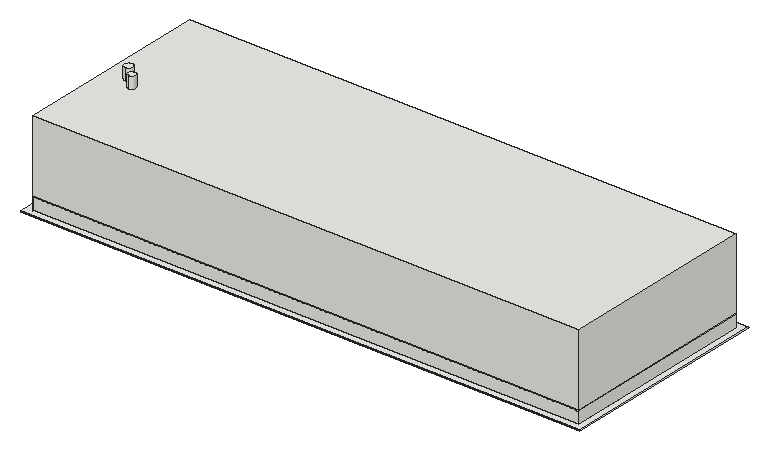
Revit family "AIRTECNICS_AIR CURTAIN_RECESSED WINDBOX_MG_DX-VRV_(DAIKIN)_0", category Mechanical Equipment, Revit 2016 (continued)
Definition of nested family "GEOM_WINDBOX_P_RECESSED_DX"
  Automatic sketch dimensions
    Extrusion 38 sketch curve to Extrusion 38 sketch curve = 3.966 mm
    Extrusion 38 sketch curve to Extrusion 38 sketch curve = 0.0 mm  (x2)
    Extrusion 39 sketch curve to Extrusion 39 sketch curve = 3.028 mm
    Extrusion 39 sketch curve to Extrusion 39 sketch curve = 3.961 mm
    Extrusion 39 sketch curve to Extrusion 39 sketch curve = 2.97 mm
    Extrusion 39 sketch curve to Extrusion 39 sketch curve = 2.975 mm
    Extrusion 39 sketch curve to Extrusion 39 sketch curve = 0.557 mm
    Extrusion 39 sketch curve to Extrusion 39 sketch curve = 4.0 mm
    Extrusion 39 sketch curve to Extrusion 39 sketch curve = 3.966 mm
    Extrusion 39 sketch curve to Extrusion 39 sketch curve = 0.0 mm  (x2)
    Extrusion 38 sketch curve to Extrusion 38 sketch curve = 25.946 mm
    Extrusion 38 sketch curve to Extrusion 38 sketch curve = 2.037 mm
    Extrusion 38 sketch curve to Extrusion 38 sketch curve = 2.578 mm
    Extrusion 38 sketch curve to Extrusion 38 sketch curve = 2.611 mm
    Extrusion 38 sketch curve to Extrusion 38 sketch curve = 23.162 mm
    Extrusion 39 sketch curve to Extrusion 39 sketch curve = 25.946 mm
    Extrusion 39 sketch curve to Extrusion 39 sketch curve = 2.037 mm
    Extrusion 39 sketch curve to Extrusion 39 sketch curve = 2.578 mm
    Extrusion 39 sketch curve to Extrusion 39 sketch curve = 2.611 mm
    Extrusion 39 sketch curve to Extrusion 39 sketch curve = 23.162 mm
    Extrusion 37 sketch curve to Extrusion 37 sketch curve = 74.0 mm
    Extrusion 37 sketch curve to Extrusion 37 sketch curve = 43.504 mm
    Extrusion 27 sketch curve to Extrusion 27 sketch curve = 74.0 mm
    Extrusion 27 sketch curve to Extrusion 27 sketch curve = 43.504 mm
    Extrusion 30 sketch curve to Extrusion 30 sketch curve = 74.0 mm
    Extrusion 30 sketch curve to Extrusion 30 sketch curve = 43.504 mm
    Extrusion 4 sketch curve to plane 11 = 0.0 mm
    Extrusion 7 sketch curve to plane 3 "Centro (Izquierda/Derecha)" = 0.0 mm
    plane 8 to Extrusion 11 sketch curve = 0.0 mm
    Extrusion 11 sketch curve to plane 24 = 0.0 mm
    Extrusion 11 sketch curve to plane 4 = 0.0 mm
    Extrusion 11 sketch curve to plane 8 = 10.0 mm
    Extrusion 12 sketch curve to plane 24 = 0.0 mm
    Extrusion 12 sketch curve to plane 4 = 0.0 mm
    Extrusion 12 sketch curve to plane 7 = 0.0 mm
    Extrusion 12 sketch curve to plane 7 = 10.0 mm
    Sweep 19 sketch curve to profile plane = 0.0 mm
    Sweep 19 sketch curve to Sweep 19 sketch curve = 0.0 mm  (x2)
    plane 24 to Extrusion 20 sketch curve = 20.494 mm  (x2)
    Extrusion 20 sketch curve to plane 11 = 41.908 mm
    plane 24 to Extrusion 20 sketch curve = 1.964 mm  (x6)
    Extrusion 20 sketch curve to Extrusion 20 sketch curve = 3.179 mm
    Extrusion 20 sketch curve to Extrusion 20 sketch curve = 1.478 mm  (x3)
    Extrusion 20 sketch curve to Extrusion 20 sketch curve = 4.657 mm  (x5)
    Extrusion 20 sketch curve to Extrusion 20 sketch curve = 16.188 mm
    Extrusion 20 sketch curve to plane 11 = 13.228 mm
    plane 11 to Extrusion 20 sketch curve = 9.843 mm
    plane 11 to Extrusion 20 sketch curve = 13.022 mm
    Extrusion 20 sketch curve to Extrusion 20 sketch curve = 0.254 mm  (x3)
    Extrusion 20 sketch curve to Extrusion 20 sketch curve = 18.53 mm
    Extrusion 20 sketch curve to Extrusion 20 sketch curve = 0.0 mm
    Extrusion 20 sketch curve to Extrusion 20 sketch curve = 0.799 mm  (x3)
    plane 1 "Centro (Frontal/Posterior)" to Extrusion 24 sketch curve = 21.764 mm
    Extrusion 24 sketch curve to plane 11 = 43.471 mm
    plane 24 to Extrusion 24 sketch curve = 3.073 mm
    Extrusion 24 sketch curve to Extrusion 24 sketch curve = 3.028 mm
    Extrusion 24 sketch curve to Extrusion 24 sketch curve = 3.961 mm
    Extrusion 24 sketch curve to Extrusion 24 sketch curve = 2.97 mm
    plane 24 to Extrusion 24 sketch curve = 0.496 mm
    Extrusion 24 sketch curve to plane 11 = 11.527 mm
    Extrusion 24 sketch curve to plane 11 = 9.49 mm
    plane 24 to Extrusion 24 sketch curve = 3.107 mm
    Extrusion 24 sketch curve to Extrusion 24 sketch curve = 2.975 mm
    Extrusion 24 sketch curve to Extrusion 24 sketch curve = 0.557 mm
    Extrusion 24 sketch curve to Extrusion 24 sketch curve = 4.0 mm
    Extrusion 24 sketch curve to Extrusion 24 sketch curve = 3.966 mm
    Extrusion 24 sketch curve to Extrusion 24 sketch curve = 0.0 mm  (x2)
    plane 1 "Centro (Frontal/Posterior)" to Extrusion 45 sketch curve = 21.764 mm
    Extrusion 45 sketch curve to plane 11 = 43.471 mm
    plane 24 to Extrusion 45 sketch curve = 3.073 mm
    Extrusion 45 sketch curve to Extrusion 45 sketch curve = 3.028 mm
    Extrusion 45 sketch curve to Extrusion 45 sketch curve = 3.961 mm
    Extrusion 45 sketch curve to Extrusion 45 sketch curve = 2.97 mm
    plane 24 to Extrusion 45 sketch curve = 0.496 mm
    Extrusion 45 sketch curve to plane 11 = 11.527 mm
    Extrusion 45 sketch curve to plane 11 = 9.49 mm
    plane 24 to Extrusion 45 sketch curve = 3.107 mm
    Extrusion 45 sketch curve to Extrusion 45 sketch curve = 2.975 mm
    Extrusion 45 sketch curve to Extrusion 45 sketch curve = 0.557 mm
    Extrusion 45 sketch curve to Extrusion 45 sketch curve = 4.0 mm
    Extrusion 45 sketch curve to Extrusion 45 sketch curve = 3.966 mm
    Extrusion 45 sketch curve to Extrusion 45 sketch curve = 0.0 mm  (x2)
    Extrusion 46 sketch curve to Extrusion 46 sketch curve = 0.0 mm  (x40)
    level to Extrusion 46 sketch curve = 0.881 mm  (x10)
    plane 20 to Extrusion 46 sketch curve = 4.0 mm
    plane 24 to Extrusion 46 sketch curve = 0.179 mm  (x10)
    Extrusion 46 sketch curve to Extrusion 46 sketch curve = 0.07 mm  (x10)
    plane 20 to Extrusion 46 sketch curve = 4.744 mm
    plane 24 to Extrusion 46 sketch curve = 2.811 mm  (x10)
    Extrusion 46 sketch curve to plane 13 = 7.561 mm
    plane 24 to Extrusion 46 sketch curve = 1.787 mm  (x10)
    plane 13 to Extrusion 46 sketch curve = 6.25 mm
    plane 13 to Extrusion 46 sketch curve = 6.4 mm
    Extrusion 46 sketch curve to Extrusion 46 sketch curve = 0.594 mm  (x8)
    Extrusion 46 sketch curve to Extrusion 46 sketch curve = 0.8 mm  (x12)
    plane 13 to Extrusion 46 sketch curve = 7.7 mm
    Extrusion 46 sketch curve to Extrusion 46 sketch curve = 1.007 mm  (x8)
    Extrusion 46 sketch curve to Extrusion 46 sketch curve = 1.3 mm  (x8)
    Extrusion 46 sketch curve to Extrusion 46 sketch curve = 8.369 mm  (x9)
    Extrusion 46 sketch curve to Extrusion 46 sketch curve = 13.01 mm  (x7)
    Extrusion 46 sketch curve to Extrusion 46 sketch curve = 0.08 mm  (x7)
    plane 24 to Extrusion 46 sketch curve = 14.344 mm  (x9)
    plane 24 to Extrusion 46 sketch curve = 13.319 mm  (x9)
    Extrusion 46 sketch curve to Extrusion 46 sketch curve = 0.5 mm  (x2)
    Extrusion 46 sketch curve to Extrusion 46 sketch curve = 13.961 mm  (x2)
    Extrusion 46 sketch curve to Extrusion 46 sketch curve = 0.999 mm
    Extrusion 46 sketch curve to Extrusion 46 sketch curve = 1.743 mm
    Extrusion 46 sketch curve to Extrusion 46 sketch curve = 0.658 mm
    Extrusion 46 sketch curve to Extrusion 46 sketch curve = 8.732 mm  (x10)
    plane 7 to Extrusion 47 sketch curve = 2.0 mm
    plane 8 to Extrusion 47 sketch curve = 2.0 mm
    plane 20 to Extrusion 47 sketch curve = 1.976 mm
    Extrusion 47 sketch curve to plane 5 = 486.1 mm
    Extrusion 2 sketch curve to plane 11 = 55.1 mm
    plane 7 to Extrusion 21 sketch curve = 1.0 mm
    plane 8 to Extrusion 21 sketch curve = 1.0 mm
    Extrusion 5 sketch curve to plane 3 "Centro (Izquierda/Derecha)" = 0.0 mm
    Extrusion 5 sketch curve to plane 11 = 0.0 mm
    plane 1 "Centro (Frontal/Posterior)" to Extrusion 23 sketch curve = 4.0 mm
    Extrusion 23 sketch curve to plane 11 = 42.0 mm
    Extrusion 25 sketch curve to plane 11 = 43.471 mm
    plane 24 to Extrusion 25 sketch curve = 0.496 mm
    Extrusion 26 sketch curve to plane 11 = 43.471 mm
    plane 24 to Extrusion 26 sketch curve = 0.496 mm
    Extrusion 18 sketch curve to plane 7 = 25.0 mm
    Extrusion 16 sketch curve to plane 17 "P2-01" = 0.0 mm
    Extrusion 16 sketch curve to plane 19 "P2-03" = 0.0 mm
    Extrusion 17 sketch curve to plane 14 = 0.0 mm
    Extrusion 17 sketch curve to plane 15 "P1-01" = 0.0 mm
Types (23, lengths in mm): name | Weight | Product Size | Product Reference | Product Heating | Product Description | Power Fans | Noise Level (dB(A)) | Mainfolds | M | Length | Heating Capacity | Gas Coil Volume | G | External Ut. Reference | Expansion Valve | Dn_Metric_Refrig_Gas | DX VRV | DX Kit | DX Coil Rows = 4 | DX Coil Rows = 3 | DX Coil Rows | DX 1:1 | Current Fans | L | CT | CR | CM | CH | Apparent Load | Airflow
  WINDBOX RECM 2000 DX16-DA | 122.00 kg | "2000" | "RECM 2000 DX16-DA" | "Direct Expansion 1:1 system" | "Energy saving heat pump air curtain: Up to 70% reduction in costs and CO2 emissions (heating mode).\r\nSelf-supporting casing construction made of galvanized steel plate, ready to be installed recessed in a false ceiling. \r\nInlet grille (free of maintenance) made with aluminium profiles and blow-out nozzle, integrated in a single white frame colour RAL 9016. Other colours are available on request.  Internal prefilter included.\r\nAnodized aluminium outlet vanes, airfoil shaped, adjustable in both directions.\r\nDouble-inlet centrifugal fans driven by an external rotor motor and low noise level. 5-speed selector. EC models assembled with very low consumption efficiency fans. \r\nIncludes only heating direct expansion coil with installed temperature sensors. Under request it can be modified to work in cooling and heating mode (not recomended) with optional condensate water pump.\r\nPlug&Play control panel CS-5DX-NE slave DX with 5 speeds selector and 7m telephone cable included.\r\nReady to connect to DAIKIN Inverter outdoor heat pump unit (R410A) and EKEXV125 expansion valve not included, the customer should purchase it.\r\nRequires EKEQDCB DAIKIN DX Interface KIT adapted for air curtain and BRC1H519W programmable control, please consult.\r\nAir Volume: 3280 m3/h \r\nFans:  0,284 kW  2,48 A 230Vx1 50/60Hz\r\nHeating capacity: 16,00 kW\r\nDimensions: 770x310x2050 mm (depth, height, length)\r\nNOT SUPPLIED BY AIRTÈCNICS:\r\nEKEQDCB Interface DX kit and BRC1H519W programmable control.\r\nExpansion valve EKEXV125.\r\nExternal unit:\r\nOption 1: ERQ 125 AV1\r\nExternal unit Daikin, single phase motor 230Vx1 50Hz.\r\nHeating capacity 16kW. Heating power: 3,86kW. COP 4,15.\r\nCooling capacity 14kW. Cooling power 3,51kW. EER 3,99.\r\nCooling circuits 5/8\" - 3/8\".\r\nMaximum length 55m.\r\nDesnivell màxim 35m.\r\nOption 2: ERQ 125 AW1\r\nExternal unit Daikin, triple phase motor 400Vx3 50Hz.\r\nHeating capacity 16kW. Heating power: 4kW. COP 4.\r\nCooling capacity 14kW. Cooling power 3,52kW. EER 3,98.\r\nCooling circuits 5/8\" - 3/8\".\r\nMaximum length 55m.\r\nDesnivell màxim 30m." | 0.284 kW | 58 | "5/8 & 3/8" | yes | 2050.0 | 16 kW | 3.10 L | no | "ERQ 125 AW1" | "EKEXV 125" | 16 | no | "EKEQDCB" | no | yes | 3 | yes | 2.48 A | 2000.0 | 8 | 4 | 6 | 2 | 568 VA | 3280 m³/h
  WINDBOX RECM 1500 DX13-DA | 93.00 kg | "1500" | "RECM 1500 DX13-DA" | "Direct Expansion 1:1 system" | "Energy saving heat pump air curtain: Up to 70% reduction in costs and CO2 emissions (heating mode).\r\nSelf-supporting casing construction made of galvanized steel plate, ready to be installed recessed in a false ceiling. \r\nInlet grille (free of maintenance) made with aluminium profiles and blow-out nozzle, integrated in a single white frame colour RAL 9016. Other colours are available on request.  Internal prefilter included.\r\nAnodized aluminium outlet vanes, airfoil shaped, adjustable in both directions.\r\nDouble-inlet centrifugal fans driven by an external rotor motor and low noise level. 5-speed selector. EC models assembled with very low consumption efficiency fans. \r\nIncludes only heating direct expansion coil with installed temperature sensors. Under request it can be modified to work in cooling and heating mode (not recomended) with optional condensate water pump.\r\nPlug&Play control panel CS-5DX-NE slave DX with 5 speeds selector and 7m telephone cable included.\r\nReady to connect to DAIKIN Inverter outdoor heat pump unit (R410A) and EKEXV100 expansion valve not included, the customer should purchase it.\r\nRequires EKEQDCB DAIKIN DX Interface KIT adapted for air curtain and BRC1H519W programmable control, please consult.\r\nAir Volume: 2460 m3/h \r\nFans:  0,213 kW  1,86 A 230Vx1 50/60Hz\r\nHeating capacity: 12,5 kW\r\nDimensions: 770x310x1550 mm (depth, height, length)\r\nNOT SUPPLIED BY AIRTÈCNICS:\r\nEKEQDCB Interface DX kit and BRC1H519W programmable control.\r\nExpansion valve EKEXV100.\r\nExternal unit:\r\n ERQ 100 AV1\r\nExternal unit Daikin, single phase motor 230Vx1 50Hz.\r\nHeating capacity 12,5kW. Heating power: 2,74kW. COP 4,56.\r\nCooling capacity 11,2kW. Cooling power 2,81kW. EER 3,99.\r\nCooling circuits 5/8\" - 3/8\".\r\nMaximum length 55m.\r\nDesnivell màxim 35m." | 0.213 kW | 57 | "5/8 & 3/8" | yes | 1550.0 | 12.5 kW | 3.00 L | no | "Only Single Phase" | "EKEXV 100" | 16 | no | "EKEQDCB" | yes | no | 4 | yes | 1.86 A | 1500.0 | 4 | 2 | 6 | 2 | 426 VA | 2460 m³/h
  WINDBOX RECM 1000 VRV8-DA | 63.00 kg | "1000" | "RECM 1000 VRV8-DA" | "Direct Expansion VRV system" | "Energy saving heat pump air curtain: Up to 70% reduction in costs and CO2 emissions (heating mode).\r\nSelf-supporting casing construction made of galvanized steel plate, ready to be installed recessed in a false ceiling. \r\nInlet grille (free of maintenance) made with aluminium profiles and blow-out nozzle, integrated in a single white frame colour RAL 9016. Other colours are available on request.  Internal prefilter included.\r\nAnodized aluminium outlet vanes, airfoil shaped, adjustable in both directions.\r\nDouble-inlet centrifugal fans driven by an external rotor motor and low noise level. 5-speed selector. EC models assembled with very low consumption efficiency fans. \r\nIncludes only heating direct expansion coil with installed temperature sensors. Under request it can be modified to work in cooling and heating mode (not recomended) with optional condensate water pump.\r\nPlug&Play control panel CS-5DX-NE slave DX with 5 speeds selector and 7m telephone cable included.\r\nReady to connect to DAIKIN VRV outdoor heat pump unit (R410A) and EKEXV63 expansion valve not included, the customer should purchase it.\r\nRequires EKEQMCBA DAIKIN VRV Interface KIT adapted for air curtain and BRC1H519W programmable control, please consult.\r\nAir Volume: 1640 m3/h \r\nFans:  0,142 kW  1,24 A 230Vx1 50/60Hz\r\nHeating capacity: 7,90 kW\r\nDimensions: 770x310x1050 mm (depth, height, length)\r\nNOT SUPPLIED BY AIRTÈCNICS:\r\nEKEQMCBA Interface VRV kit and BRC1H519W programmable control.\r\nExpansion valve EKEXV63.\r\nExternal unit VRV." | 0.142 kW | 56 | "5/8 & 3/8" | yes | 1050.0 | 7.9 kW | 1.80 L | no | "Not available" | "EKEXV 63" | 16 | yes | "EKEQMCBA" | yes | no | 4 | no | 1.24 A | 1000.0 | 2 | 2 | 6 | 4 | 145 VA | 1640 m³/h
  WINDBOX RECG 2500 DX25-DA | 163.00 kg | "2500" | "RECG 2500 DX25-DA" | "Direct Expansion 1:1 system" | "Energy saving heat pump air curtain: Up to 70% reduction in costs and CO2 emissions (heating mode).\r\nSelf-supporting casing construction made of galvanized steel plate, ready to be installed recessed in a false ceiling. \r\nInlet grille (free of maintenance) made with aluminium profiles and blow-out nozzle, integrated in a single white frame colour RAL 9016. Other colours are available on request.  Internal prefilter included.\r\nAnodized aluminium outlet vanes, airfoil shaped, adjustable in both directions.\r\nDouble-inlet centrifugal fans driven by an external rotor motor and low noise level. 5-speed selector. EC models assembled with very low consumption efficiency fans. \r\nIncludes only heating direct expansion coil with installed temperature sensors. Under request it can be modified to work in cooling and heating mode (not recomended) with optional condensate water pump.\r\nPlug&Play control panel CS-5DX-NE slave DX with 5 speeds selector and 7m telephone cable included.\r\nReady to connect to DAIKIN Inverter outdoor heat pump unit (R410A) and EKEXV200 expansion valve not included, the customer should purchase it.\r\nRequires EKEQDCB DAIKIN DX Interface KIT adapted for air curtain and BRC1H519W programmable control, please consult.\r\nAir Volume: 5110 m3/h \r\nFans:  0,497 kW  4,34 A 230Vx1 50/60Hz\r\nHeating capacity: 24,86 kW\r\nDimensions: 770x310x2550 mm (depth, height, length)\r\nNOT SUPPLIED BY AIRTÈCNICS:\r\nEKEQDCB Interface DX kit and BRC1H519W programmable control.\r\nExpansion valve EKEXV200.\r\nExternal unit:\r\n ERQ 200 AW1External unit Daikin, triple phase motor 400Vx3 50Hz.\r\nHeating capacity 25kW. Heating power: 5,56kW. COP 4,5.\r\nCooling capacity 22,4kW. Cooling power 5,22kW. EER 4,29.\r\nCooling circuits 3/4\" - 3/8\".\r\nMaximum length 55m.\r\nDesnivell màxim 30m." | 0.497 kW | 64 | "3/4 & 3/8" | no | 2550.0 | 24.86 kW | 3.90 L | yes | "ERQ 200 AW1" | "EKEXV 200" | 20 | no | "EKEQDCB" | no | yes | 3 | yes | 4.34 A | 2500.0 | 16 | 4 | 12 | 2 | 994 VA | 5110 m³/h
  WINDBOX RECG 1500 DX13-DA | 98.00 kg | "1500" | "RECG 1500 DX13-DA" | "Direct Expansion 1:1 system" | "Energy saving heat pump air curtain: Up to 70% reduction in costs and CO2 emissions (heating mode).\r\nSelf-supporting casing construction made of galvanized steel plate, ready to be installed recessed in a false ceiling. \r\nInlet grille (free of maintenance) made with aluminium profiles and blow-out nozzle, integrated in a single white frame colour RAL 9016. Other colours are available on request.  Internal prefilter included.\r\nAnodized aluminium outlet vanes, airfoil shaped, adjustable in both directions.\r\nDouble-inlet centrifugal fans driven by an external rotor motor and low noise level. 5-speed selector. EC models assembled with very low consumption efficiency fans. \r\nIncludes only heating direct expansion coil with installed temperature sensors. Under request it can be modified to work in cooling and heating mode (not recomended) with optional condensate water pump.\r\nPlug&Play control panel CS-5DX-NE slave DX with 5 speeds selector and 7m telephone cable included.\r\nReady to connect to DAIKIN Inverter outdoor heat pump unit (R410A) and EKEXV100 expansion valve not included, the customer should purchase it.\r\nRequires EKEQDCB DAIKIN DX Interface KIT adapted for air curtain and BRC1H519W programmable control, please consult.\r\nAir Volume: 2920 m3/h \r\nFans:  0,284 kW  2,48 A 230Vx1 50/60Hz\r\nHeating capacity: 12,5 kW\r\nDimensions: 770x310x1550 mm (depth, height, length)\r\nNOT SUPPLIED BY AIRTÈCNICS:\r\nEKEQDCB Interface DX kit and BRC1H519W programmable control.\r\nExpansion valve EKEXV100.\r\nExternal unit:\r\n ERQ 100 AV1\r\nExternal unit Daikin, single phase motor 230Vx1 50Hz.\r\nHeating capacity 12,5kW. Heating power: 2,74kW. COP 4,56.\r\nCooling capacity 11,2kW. Cooling power 2,81kW. EER 3,99.\r\nCooling circuits 5/8\" - 3/8\".\r\nMaximum length 55m.\r\nDesnivell màxim 35m." | 0.284 kW | 62 | "5/8 & 3/8" | no | 1550.0 | 12.5 kW | 2.20 L | yes | "Only Single Phase" | "EKEXV 100" | 16 | no | "EKEQDCB" | no | yes | 3 | yes | 2.48 A | 1500.0 | 4 | 4 | 12 | 2 | 568 VA | 2920 m³/h
  WINDBOX RECG 1000 DX10-DA | 67.00 kg | "1000" | "RECG 1000 DX10-DA" | "Direct Expansion 1:1 system" | "Energy saving heat pump air curtain: Up to 70% reduction in costs and CO2 emissions (heating mode).\r\nSelf-supporting casing construction made of galvanized steel plate, ready to be installed recessed in a false ceiling. \r\nInlet grille (free of maintenance) made with aluminium profiles and blow-out nozzle, integrated in a single white frame colour RAL 9016. Other colours are available on request.  Internal prefilter included.\r\nAnodized aluminium outlet vanes, airfoil shaped, adjustable in both directions.\r\nDouble-inlet centrifugal fans driven by an external rotor motor and low noise level. 5-speed selector. EC models assembled with very low consumption efficiency fans. \r\nIncludes only heating direct expansion coil with installed temperature sensors. Under request it can be modified to work in cooling and heating mode (not recomended) with optional condensate water pump.\r\nPlug&Play control panel CS-5DX-NE slave DX with 5 speeds selector and 7m telephone cable included.\r\nReady to connect to DAIKIN Inverter outdoor heat pump unit (R410A) and EKEXV80 expansion valve not included, the customer should purchase it.\r\nRequires EKEQDCB DAIKIN DX Interface KIT adapted for air curtain and BRC1H519W programmable control, please consult.\r\nAir Volume: 2190 m3/h \r\nFans:  0,213 kW  1,86 A 230Vx1 50/60Hz\r\nHeating capacity: 9,70 kW\r\nDimensions: 770x310x1050 mm (depth, height, length)\r\nNOT SUPPLIED BY AIRTÈCNICS:\r\nEKEQDCB Interface DX kit and BRC1H519W programmable control.\r\nExpansion valve EKEXV80.\r\nExternal unit:\r\n ERQ 100 AV1\r\nExternal unit Daikin, single phase motor 230Vx1 50Hz.\r\nHeating capacity 12,5kW. Heating power: 2,74kW. COP 4,56.\r\nCooling capacity 11,2kW. Cooling power 2,81kW. EER 3,99.\r\nCooling circuits 5/8\" - 3/8\".\r\nMaximum length 55m.\r\nDesnivell màxim 35m." | 0.213 kW | 61 | "5/8 & 3/8" | no | 1050.0 | 9.7 kW | 1.80 L | yes | "Only Single Phase" | "EKEXV 80" | 16 | no | "EKEQDCB" | yes | no | 4 | yes | 1.86 A | 1000.0 | 2 | 2 | 12 | 2 | 426 VA | 2190 m³/h
  WINDBOX RECM 1500 VRV12-DA | 93.00 kg | "1500" | "RECM 1500 VRV12-DA" | "Direct Expansion VRV system" | "Energy saving heat pump air curtain: Up to 70% reduction in costs and CO2 emissions (heating mode).\r\nSelf-supporting casing construction made of galvanized steel plate, ready to be installed recessed in a false ceiling. \r\nInlet grille (free of maintenance) made with aluminium profiles and blow-out nozzle, integrated in a single white frame colour RAL 9016. Other colours are available on request.  Internal prefilter included.\r\nAnodized aluminium outlet vanes, airfoil shaped, adjustable in both directions.\r\nDouble-inlet centrifugal fans driven by an external rotor motor and low noise level. 5-speed selector. EC models assembled with very low consumption efficiency fans. \r\nIncludes only heating direct expansion coil with installed temperature sensors. Under request it can be modified to work in cooling and heating mode (not recomended) with optional condensate water pump.\r\nPlug&Play control panel CS-5DX-NE slave DX with 5 speeds selector and 7m telephone cable included.\r\nReady to connect to DAIKIN VRV outdoor heat pump unit (R410A) and EKEXV100 expansion valve not included, the customer should purchase it.\r\nRequires EKEQMCBA DAIKIN VRV Interface KIT adapted for air curtain and BRC1H519W programmable control, please consult.\r\nAir Volume: 2460 m3/h \r\nFans:  0,213 kW  1,86 A 230Vx1 50/60Hz\r\nHeating capacity: 13,47 kW\r\nDimensions: 770x310x1550 mm (depth, height, length)\r\nNOT SUPPLIED BY AIRTÈCNICS:\r\nEKEQMCBA Interface VRV kit and BRC1H519W programmable control.\r\nExpansion valve EKEXV100.\r\nExternal unit VRV." | 0.213 kW | 57 | "5/8 & 3/8" | yes | 1550.0 | 11.61 kW | 2.20 L | no | "Not available" | "EKEXV 100" | 16 | yes | "EKEQMCBA" | no | yes | 3 | no | 1.86 A | 1500.0 | 4 | 4 | 6 | 4 | 426 VA | 2460 m³/h
  WINDBOX RECM 2000 DX18-DA | 122.00 kg | "2000" | "RECM 2000 DX18-DA" | "Direct Expansion 1:1 system" | "Energy saving heat pump air curtain: Up to 70% reduction in costs and CO2 emissions (heating mode).\r\nSelf-supporting casing construction made of galvanized steel plate, ready to be installed recessed in a false ceiling. \r\nInlet grille (free of maintenance) made with aluminium profiles and blow-out nozzle, integrated in a single white frame colour RAL 9016. Other colours are available on request.  Internal prefilter included.\r\nAnodized aluminium outlet vanes, airfoil shaped, adjustable in both directions.\r\nDouble-inlet centrifugal fans driven by an external rotor motor and low noise level. 5-speed selector. EC models assembled with very low consumption efficiency fans. \r\nIncludes only heating direct expansion coil with installed temperature sensors. Under request it can be modified to work in cooling and heating mode (not recomended) with optional condensate water pump.\r\nPlug&Play control panel CS-5DX-NE slave DX with 5 speeds selector and 7m telephone cable included.\r\nReady to connect to DAIKIN Inverter outdoor heat pump unit (R410A) and EKEXV140 expansion valve not included, the customer should purchase it.\r\nRequires EKEQDCB DAIKIN DX Interface KIT adapted for air curtain and BRC1H519W programmable control, please consult.\r\nAir Volume: 3280 m3/h \r\nFans:  0,284 kW  2,48 A 230Vx1 50/60Hz\r\nHeating capacity: 18,00 kW\r\nDimensions: 770x310x2050 mm (depth, height, length)\r\nNOT SUPPLIED BY AIRTÈCNICS:\r\nEKEQDCB Interface DX kit and BRC1H519W programmable control.\r\nExpansion valve EKEXV140.\r\nExternal unit:\r\n ERQ 140 AV1\r\nExternal unit Daikin, single phase motor 230Vx1 50Hz.\r\nHeating capacity 18kW. Heating power: 4,57kW. COP 3,94.\r\nCooling capacity 15,5kW. Cooling power 4,53kW. EER 3,42.\r\nCooling circuits 3/4\" - 3/8\".\r\nMaximum length 55m.\r\nDesnivell màxim 35m." | 0.284 kW | 58 | "3/4 & 3/8" | yes | 2050.0 | 18 kW | 4.10 L | no | "Only Single Phase" | "EKEXV 140" | 20 | no | "EKEQDCB" | yes | no | 4 | yes | 2.48 A | 2000.0 | 8 | 2 | 6 | 2 | 568 VA | 3280 m³/h
  WINDBOX RECM 2000 VRV16-DA | 122.00 kg | "2000" | "RECM 2000 VRV16-DA" | "Direct Expansion VRV system" | "Energy saving heat pump air curtain: Up to 70% reduction in costs and CO2 emissions (heating mode).\r\nSelf-supporting casing construction made of galvanized steel plate, ready to be installed recessed in a false ceiling. \r\nInlet grille (free of maintenance) made with aluminium profiles and blow-out nozzle, integrated in a single white frame colour RAL 9016. Other colours are available on request.  Internal prefilter included.\r\nAnodized aluminium outlet vanes, airfoil shaped, adjustable in both directions.\r\nDouble-inlet centrifugal fans driven by an external rotor motor and low noise level. 5-speed selector. EC models assembled with very low consumption efficiency fans. \r\nIncludes only heating direct expansion coil with installed temperature sensors. Under request it can be modified to work in cooling and heating mode (not recomended) with optional condensate water pump.\r\nPlug&Play control panel CS-5DX-NE slave DX with 5 speeds selector and 7m telephone cable included.\r\nReady to connect to DAIKIN VRV outdoor heat pump unit (R410A) and EKEXV125 expansion valve not included, the customer should purchase it.\r\nRequires EKEQMCBA DAIKIN VRV Interface KIT adapted for air curtain and BRC1H519W programmable control, please consult.\r\nAir Volume: 3280 m3/h \r\nFans:  0,284 kW  2,48 A 230Vx1 50/60Hz\r\nHeating capacity: 16,44 kW\r\nDimensions: 770x310x2050 mm (depth, height, length)\r\nNOT SUPPLIED BY AIRTÈCNICS:\r\nEKEQMCBA Interface VRV kit and BRC1H519W programmable control.\r\nExpansion valve EKEXV125.\r\nExternal unit VRV." | 0.284 kW | 58 | "3/4 & 3/8" | yes | 2050.0 | 16.44 kW | 3.10 L | no | "Not available" | "EKEXV 125" | 20 | yes | "EKEQMCBA" | no | yes | 3 | no | 2.48 A | 2000.0 | 8 | 4 | 6 | 4 | 568 VA | 3280 m³/h
  WINDBOX RECM 2000 VRV19-DA | 122.00 kg | "2000" | "RECM 2000 VRV19-DA" | "Direct Expansion VRV system" | "Energy saving heat pump air curtain: Up to 70% reduction in costs and CO2 emissions (heating mode).\r\nSelf-supporting casing construction made of galvanized steel plate, ready to be installed recessed in a false ceiling. \r\nInlet grille (free of maintenance) made with aluminium profiles and blow-out nozzle, integrated in a single white frame colour RAL 9016. Other colours are available on request.  Internal prefilter included.\r\nAnodized aluminium outlet vanes, airfoil shaped, adjustable in both directions.\r\nDouble-inlet centrifugal fans driven by an external rotor motor and low noise level. 5-speed selector. EC models assembled with very low consumption efficiency fans. \r\nIncludes only heating direct expansion coil with installed temperature sensors. Under request it can be modified to work in cooling and heating mode (not recomended) with optional condensate water pump.\r\nPlug&Play control panel CS-5DX-NE slave DX with 5 speeds selector and 7m telephone cable included.\r\nReady to connect to DAIKIN VRV outdoor heat pump unit (R410A) and EKEXV140 expansion valve not included, the customer should purchase it.\r\nRequires EKEQMCBA DAIKIN VRV Interface KIT adapted for air curtain and BRC1H519W programmable control, please consult.\r\nAir Volume: 3280 m3/h \r\nFans:  0,284 kW  2,48 A 230Vx1 50/60Hz\r\nHeating capacity: 18,96 kW\r\nDimensions: 770x310x2050 mm (depth, height, length)\r\nNOT SUPPLIED BY AIRTÈCNICS:\r\nEKEQMCBA Interface VRV kit and BRC1H519W programmable control.\r\nExpansion valve EKEXV140.\r\nExternal unit VRV." | 0.284 kW | 58 | "3/4 & 3/8" | yes | 2050.0 | 18.96 kW | 4.10 L | no | "Not available" | "EKEXV 140" | 20 | yes | "EKEQMCBA" | yes | no | 4 | no | 2.48 A | 2000.0 | 8 | 2 | 6 | 4 | 568 VA | 3280 m³/h
  WINDBOX RECM 2500 DX24-DA | 153.00 kg | "2500" | "RECM 2500 DX24-DA" | "Direct Expansion 1:1 system" | "Energy saving heat pump air curtain: Up to 70% reduction in costs and CO2 emissions (heating mode).\r\nSelf-supporting casing construction made of galvanized steel plate, ready to be installed recessed in a false ceiling. \r\nInlet grille (free of maintenance) made with aluminium profiles and blow-out nozzle, integrated in a single white frame colour RAL 9016. Other colours are available on request.  Internal prefilter included.\r\nAnodized aluminium outlet vanes, airfoil shaped, adjustable in both directions.\r\nDouble-inlet centrifugal fans driven by an external rotor motor and low noise level. 5-speed selector. EC models assembled with very low consumption efficiency fans. \r\nIncludes only heating direct expansion coil with installed temperature sensors. Under request it can be modified to work in cooling and heating mode (not recomended) with optional condensate water pump.\r\nPlug&Play control panel CS-5DX-NE slave DX with 5 speeds selector and 7m telephone cable included.\r\nReady to connect to DAIKIN Inverter outdoor heat pump unit (R410A) and EKEXV200 expansion valve not included, the customer should purchase it.\r\nRequires EKEQDCB DAIKIN DX Interface KIT adapted for air curtain and BRC1H519W programmable control, please consult.\r\nAir Volume: 4100 m3/h \r\nFans:  0,355 kW  3,1 A 230Vx1 50/60Hz\r\nHeating capacity: 24,38 kW\r\nDimensions: 770x310x2550 mm (depth, height, length)\r\nNOT SUPPLIED BY AIRTÈCNICS:\r\nEKEQDCB Interface DX kit and BRC1H519W programmable control.\r\nExpansion valve EKEXV200.\r\nExternal unit:\r\n ERQ 200 AW1External unit Daikin, triple phase motor 400Vx3 50Hz.\r\nHeating capacity 25kW. Heating power: 5,56kW. COP 4,5.\r\nCooling capacity 22,4kW. Cooling power 5,22kW. EER 4,29.\r\nCooling circuits 3/4\" - 3/8\".\r\nMaximum length 55m.\r\nDesnivell màxim 30m." | 0.355 kW | 59 | "3/4 & 3/8" | yes | 2550.0 | 24.38 kW | 5.30 L | no | "ERQ 200 AW1" | "EKEXV 200" | 20 | no | "EKEQDCB" | yes | no | 4 | yes | 3.1 A | 2500.0 | 16 | 2 | 6 | 2 | 710 VA | 4100 m³/h
  WINDBOX RECM 2500 VRV21-DA | 153.00 kg | "2500" | "RECM 2500 VRV21-DA" | "Direct Expansion VRV system" | "Energy saving heat pump air curtain: Up to 70% reduction in costs and CO2 emissions (heating mode).\r\nSelf-supporting casing construction made of galvanized steel plate, ready to be installed recessed in a false ceiling. \r\nInlet grille (free of maintenance) made with aluminium profiles and blow-out nozzle, integrated in a single white frame colour RAL 9016. Other colours are available on request.  Internal prefilter included.\r\nAnodized aluminium outlet vanes, airfoil shaped, adjustable in both directions.\r\nDouble-inlet centrifugal fans driven by an external rotor motor and low noise level. 5-speed selector. EC models assembled with very low consumption efficiency fans. \r\nIncludes only heating direct expansion coil with installed temperature sensors. Under request it can be modified to work in cooling and heating mode (not recomended) with optional condensate water pump.\r\nPlug&Play control panel CS-5DX-NE slave DX with 5 speeds selector and 7m telephone cable included.\r\nReady to connect to DAIKIN VRV outdoor heat pump unit (R410A) and EKEXV200 expansion valve not included, the customer should purchase it.\r\nRequires EKEQMCBA DAIKIN VRV Interface KIT adapted for air curtain and BRC1H519W programmable control, please consult.\r\nAir Volume: 4100 m3/h \r\nFans:  0,355 kW  3,1 A 230Vx1 50/60Hz\r\nHeating capacity: 21,20 kW\r\nDimensions: 770x310x2550 mm (depth, height, length)\r\nNOT SUPPLIED BY AIRTÈCNICS:\r\nEKEQMCBA Interface VRV kit and BRC1H519W programmable control.\r\nExpansion valve EKEXV200.\r\nExternal unit VRV." | 0.355 kW | 59 | "3/4 & 3/8" | yes | 2550.0 | 21.2 kW | 3.90 L | no | "Not available" | "EKEXV 200" | 20 | yes | "EKEQMCBA" | no | yes | 3 | no | 3.1 A | 2500.0 | 16 | 4 | 6 | 4 | 710 VA | 4100 m³/h
  WINDBOX RECM 2500 VRV24-DA | 153.00 kg | "2500" | "RECM 2500 VRV24-DA" | "Direct Expansion VRV system" | "Energy saving heat pump air curtain: Up to 70% reduction in costs and CO2 emissions (heating mode).\r\nSelf-supporting casing construction made of galvanized steel plate, ready to be installed recessed in a false ceiling. \r\nInlet grille (free of maintenance) made with aluminium profiles and blow-out nozzle, integrated in a single white frame colour RAL 9016. Other colours are available on request.  Internal prefilter included.\r\nAnodized aluminium outlet vanes, airfoil shaped, adjustable in both directions.\r\nDouble-inlet centrifugal fans driven by an external rotor motor and low noise level. 5-speed selector. EC models assembled with very low consumption efficiency fans. \r\nIncludes only heating direct expansion coil with installed temperature sensors. Under request it can be modified to work in cooling and heating mode (not recomended) with optional condensate water pump.\r\nPlug&Play control panel CS-5DX-NE slave DX with 5 speeds selector and 7m telephone cable included.\r\nReady to connect to DAIKIN VRV outdoor heat pump unit (R410A) and EKEXV200 expansion valve not included, the customer should purchase it.\r\nRequires EKEQMCBA DAIKIN VRV Interface KIT adapted for air curtain and BRC1H519W programmable control, please consult.\r\nAir Volume: 4100 m3/h \r\nFans:  0,355 kW  3,1 A 230Vx1 50/60Hz\r\nHeating capacity: 24,38 kW\r\nDimensions: 770x310x2550 mm (depth, height, length)\r\nNOT SUPPLIED BY AIRTÈCNICS:\r\nEKEQMCBA Interface VRV kit and BRC1H519W programmable control.\r\nExpansion valve EKEXV200.\r\nExternal unit VRV." | 0.355 kW | 59 | "3/4 & 3/8" | yes | 2550.0 | 24.38 kW | 5.30 L | no | "Not available" | "EKEXV 200" | 20 | yes | "EKEQMCBA" | yes | no | 4 | no | 3.1 A | 2500.0 | 16 | 2 | 6 | 4 | 710 VA | 4100 m³/h
  WINDBOX RECG 1000 VRV10-DA | 67.00 kg | "1000" | "RECG 1000 VRV10-DA" | "Direct Expansion VRV system" | "Energy saving heat pump air curtain: Up to 70% reduction in costs and CO2 emissions (heating mode).\r\nSelf-supporting casing construction made of galvanized steel plate, ready to be installed recessed in a false ceiling. \r\nInlet grille (free of maintenance) made with aluminium profiles and blow-out nozzle, integrated in a single white frame colour RAL 9016. Other colours are available on request.  Internal prefilter included.\r\nAnodized aluminium outlet vanes, airfoil shaped, adjustable in both directions.\r\nDouble-inlet centrifugal fans driven by an external rotor motor and low noise level. 5-speed selector. EC models assembled with very low consumption efficiency fans. \r\nIncludes only heating direct expansion coil with installed temperature sensors. Under request it can be modified to work in cooling and heating mode (not recomended) with optional condensate water pump.\r\nPlug&Play control panel CS-5DX-NE slave DX with 5 speeds selector and 7m telephone cable included.\r\nReady to connect to DAIKIN VRV outdoor heat pump unit (R410A) and EKEXV80 expansion valve not included, the customer should purchase it.\r\nRequires EKEQMCBA DAIKIN VRV Interface KIT adapted for air curtain and BRC1H519W programmable control, please consult.\r\nAir Volume: 2190 m3/h \r\nFans:  0,213 kW  1,86 A 230Vx1 50/60Hz\r\nHeating capacity: 9,70 kW\r\nDimensions: 770x310x1050 mm (depth, height, length)\r\nNOT SUPPLIED BY AIRTÈCNICS:\r\nEKEQMCBA Interface VRV kit and BRC1H519W programmable control.\r\nExpansion valve EKEXV80.\r\nExternal unit VRV." | 0.213 kW | 61 | "5/8 & 3/8" | no | 1050.0 | 9.7 kW | 1.80 L | yes | "Not available" | "EKEXV 80" | 16 | yes | "EKEQMCBA" | yes | no | 4 | no | 1.86 A | 1000.0 | 2 | 2 | 12 | 4 | 426 VA | 2190 m³/h
  WINDBOX RECG 1500 DX15-DA | 98.00 kg | "1500" | "RECG 1500 DX15-DA" | "Direct Expansion 1:1 system" | "Energy saving heat pump air curtain: Up to 70% reduction in costs and CO2 emissions (heating mode).\r\nSelf-supporting casing construction made of galvanized steel plate, ready to be installed recessed in a false ceiling. \r\nInlet grille (free of maintenance) made with aluminium profiles and blow-out nozzle, integrated in a single white frame colour RAL 9016. Other colours are available on request.  Internal prefilter included.\r\nAnodized aluminium outlet vanes, airfoil shaped, adjustable in both directions.\r\nDouble-inlet centrifugal fans driven by an external rotor motor and low noise level. 5-speed selector. EC models assembled with very low consumption efficiency fans. \r\nIncludes only heating direct expansion coil with installed temperature sensors. Under request it can be modified to work in cooling and heating mode (not recomended) with optional condensate water pump.\r\nPlug&Play control panel CS-5DX-NE slave DX with 5 speeds selector and 7m telephone cable included.\r\nReady to connect to DAIKIN Inverter outdoor heat pump unit (R410A) and EKEXV125 expansion valve not included, the customer should purchase it.\r\nRequires EKEQDCB DAIKIN DX Interface KIT adapted for air curtain and BRC1H519W programmable control, please consult.\r\nAir Volume: 2920 m3/h \r\nFans:  0,284 kW  2,48 A 230Vx1 50/60Hz\r\nHeating capacity: 15,32 kW\r\nDimensions: 770x310x1550 mm (depth, height, length)\r\nNOT SUPPLIED BY AIRTÈCNICS:\r\nEKEQDCB Interface DX kit and BRC1H519W programmable control.\r\nExpansion valve EKEXV125.\r\nExternal unit:\r\nOption 1: ERQ 125 AV1\r\nExternal unit Daikin, single phase motor 230Vx1 50Hz.\r\nHeating capacity 16kW. Heating power: 3,86kW. COP 4,15.\r\nCooling capacity 14kW. Cooling power 3,51kW. EER 3,99.\r\nCooling circuits 5/8\" - 3/8\".\r\nMaximum length 55m.\r\nDesnivell màxim 35m.\r\nOption 2: ERQ 125 AW1\r\nExternal unit Daikin, triple phase motor 400Vx3 50Hz.\r\nHeating capacity 16kW. Heating power: 4kW. COP 4.\r\nCooling capacity 14kW. Cooling power 3,52kW. EER 3,98.\r\nCooling circuits 5/8\" - 3/8\".\r\nMaximum length 55m.\r\nDesnivell màxim 30m." | 0.284 kW | 62 | "5/8 & 3/8" | no | 1550.0 | 15.32 kW | 3.00 L | yes | "ERQ 125 AW1" | "EKEXV 125" | 16 | no | "EKEQDCB" | yes | no | 4 | yes | 2.48 A | 1500.0 | 4 | 2 | 12 | 2 | 568 VA | 2920 m³/h
  WINDBOX RECG 1500 VRV13-DA | 98.00 kg | "1500" | "RECG 1500 VRV13-DA" | "Direct Expansion VRV system" | "Energy saving heat pump air curtain: Up to 70% reduction in costs and CO2 emissions (heating mode).\r\nSelf-supporting casing construction made of galvanized steel plate, ready to be installed recessed in a false ceiling. \r\nInlet grille (free of maintenance) made with aluminium profiles and blow-out nozzle, integrated in a single white frame colour RAL 9016. Other colours are available on request.  Internal prefilter included.\r\nAnodized aluminium outlet vanes, airfoil shaped, adjustable in both directions.\r\nDouble-inlet centrifugal fans driven by an external rotor motor and low noise level. 5-speed selector. EC models assembled with very low consumption efficiency fans. \r\nIncludes only heating direct expansion coil with installed temperature sensors. Under request it can be modified to work in cooling and heating mode (not recomended) with optional condensate water pump.\r\nPlug&Play control panel CS-5DX-NE slave DX with 5 speeds selector and 7m telephone cable included.\r\nReady to connect to DAIKIN VRV outdoor heat pump unit (R410A) and EKEXV100 expansion valve not included, the customer should purchase it.\r\nRequires EKEQMCBA DAIKIN VRV Interface KIT adapted for air curtain and BRC1H519W programmable control, please consult.\r\nAir Volume: 2920 m3/h \r\nFans:  0,284 kW  2,48 A 230Vx1 50/60Hz\r\nHeating capacity: 13,11 kW\r\nDimensions: 770x310x1550 mm (depth, height, length)\r\nNOT SUPPLIED BY AIRTÈCNICS:\r\nEKEQMCBA Interface VRV kit and BRC1H519W programmable control.\r\nExpansion valve EKEXV100.\r\nExternal unit VRV." | 0.284 kW | 62 | "5/8 & 3/8" | no | 1550.0 | 13.11 kW | 2.20 L | yes | "Not available" | "EKEXV 100" | 16 | yes | "EKEQMCBA" | no | yes | 3 | no | 2.48 A | 1500.0 | 4 | 4 | 12 | 4 | 568 VA | 2920 m³/h
  WINDBOX RECG 1500 VRV15-DA | 98.00 kg | "1500" | "RECG 1500 VRV15-DA" | "Direct Expansion VRV system" | "Energy saving heat pump air curtain: Up to 70% reduction in costs and CO2 emissions (heating mode).\r\nSelf-supporting casing construction made of galvanized steel plate, ready to be installed recessed in a false ceiling. \r\nInlet grille (free of maintenance) made with aluminium profiles and blow-out nozzle, integrated in a single white frame colour RAL 9016. Other colours are available on request.  Internal prefilter included.\r\nAnodized aluminium outlet vanes, airfoil shaped, adjustable in both directions.\r\nDouble-inlet centrifugal fans driven by an external rotor motor and low noise level. 5-speed selector. EC models assembled with very low consumption efficiency fans. \r\nIncludes only heating direct expansion coil with installed temperature sensors. Under request it can be modified to work in cooling and heating mode (not recomended) with optional condensate water pump.\r\nPlug&Play control panel CS-5DX-NE slave DX with 5 speeds selector and 7m telephone cable included.\r\nReady to connect to DAIKIN VRV outdoor heat pump unit (R410A) and EKEXV125 expansion valve not included, the customer should purchase it.\r\nRequires EKEQMCBA DAIKIN VRV Interface KIT adapted for air curtain and BRC1H519W programmable control, please consult.\r\nAir Volume: 2920 m3/h \r\nFans:  0,284 kW  2,48 A 230Vx1 50/60Hz\r\nHeating capacity: 15,32 kW\r\nDimensions: 770x310x1550 mm (depth, height, length)\r\nNOT SUPPLIED BY AIRTÈCNICS:\r\nEKEQMCBA Interface VRV kit and BRC1H519W programmable control.\r\nExpansion valve EKEXV125.\r\nExternal unit VRV." | 0.284 kW | 62 | "5/8 & 3/8" | no | 1550.0 | 15.32 kW | 3.00 L | yes | "Not available" | "EKEXV 125" | 16 | yes | "EKEQMCBA" | yes | no | 4 | no | 2.48 A | 1500.0 | 4 | 2 | 12 | 4 | 568 VA | 2920 m³/h
  WINDBOX RECG 2000 DX24-DA | 131.00 kg | "2000" | "RECG 2000 DX24-DA" | "Direct Expansion 1:1 system" | "Energy saving heat pump air curtain: Up to 70% reduction in costs and CO2 emissions (heating mode).\r\nSelf-supporting casing construction made of galvanized steel plate, ready to be installed recessed in a false ceiling. \r\nInlet grille (free of maintenance) made with aluminium profiles and blow-out nozzle, integrated in a single white frame colour RAL 9016. Other colours are available on request.  Internal prefilter included.\r\nAnodized aluminium outlet vanes, airfoil shaped, adjustable in both directions.\r\nDouble-inlet centrifugal fans driven by an external rotor motor and low noise level. 5-speed selector. EC models assembled with very low consumption efficiency fans. \r\nIncludes only heating direct expansion coil with installed temperature sensors. Under request it can be modified to work in cooling and heating mode (not recomended) with optional condensate water pump.\r\nPlug&Play control panel CS-5DX-NE slave DX with 5 speeds selector and 7m telephone cable included.\r\nReady to connect to DAIKIN Inverter outdoor heat pump unit (R410A) and EKEXV200 expansion valve not included, the customer should purchase it.\r\nRequires EKEQDCB DAIKIN DX Interface KIT adapted for air curtain and BRC1H519W programmable control, please consult.\r\nAir Volume: 4380 m3/h \r\nFans:  0,426 kW  3,72 A 230Vx1 50/60Hz\r\nHeating capacity: 23,63 kW\r\nDimensions: 770x310x2050 mm (depth, height, length)\r\nNOT SUPPLIED BY AIRTÈCNICS:\r\nEKEQDCB Interface DX kit and BRC1H519W programmable control.\r\nExpansion valve EKEXV200.\r\nExternal unit:\r\n ERQ 200 AW1External unit Daikin, triple phase motor 400Vx3 50Hz.\r\nHeating capacity 25kW. Heating power: 5,56kW. COP 4,5.\r\nCooling capacity 22,4kW. Cooling power 5,22kW. EER 4,29.\r\nCooling circuits 3/4\" - 3/8\".\r\nMaximum length 55m.\r\nDesnivell màxim 30m." | 0.426 kW | 63 | "3/4 & 3/8" | no | 2050.0 | 23.63 kW | 4.10 L | yes | "ERQ 200 AW1" | "EKEXV 200" | 20 | no | "EKEQDCB" | yes | no | 4 | yes | 3.72 A | 2000.0 | 8 | 2 | 12 | 2 | 852 VA | 4380 m³/h
  WINDBOX RECG 2000 VRV20-DA | 131.00 kg | "2000" | "RECG 2000 VRV20-DA" | "Direct Expansion VRV system" | "Energy saving heat pump air curtain: Up to 70% reduction in costs and CO2 emissions (heating mode).\r\nSelf-supporting casing construction made of galvanized steel plate, ready to be installed recessed in a false ceiling. \r\nInlet grille (free of maintenance) made with aluminium profiles and blow-out nozzle, integrated in a single white frame colour RAL 9016. Other colours are available on request.  Internal prefilter included.\r\nAnodized aluminium outlet vanes, airfoil shaped, adjustable in both directions.\r\nDouble-inlet centrifugal fans driven by an external rotor motor and low noise level. 5-speed selector. EC models assembled with very low consumption efficiency fans. \r\nIncludes only heating direct expansion coil with installed temperature sensors. Under request it can be modified to work in cooling and heating mode (not recomended) with optional condensate water pump.\r\nPlug&Play control panel CS-5DX-NE slave DX with 5 speeds selector and 7m telephone cable included.\r\nReady to connect to DAIKIN VRV outdoor heat pump unit (R410A) and EKEXV200 expansion valve not included, the customer should purchase it.\r\nRequires EKEQMCBA DAIKIN VRV Interface KIT adapted for air curtain and BRC1H519W programmable control, please consult.\r\nAir Volume: 4380 m3/h \r\nFans:  0,426 kW  3,72 A 230Vx1 50/60Hz\r\nHeating capacity: 20,21 kW\r\nDimensions: 770x310x2050 mm (depth, height, length)\r\nNOT SUPPLIED BY AIRTÈCNICS:\r\nEKEQMCBA Interface VRV kit and BRC1H519W programmable control.\r\nExpansion valve EKEXV200.\r\nExternal unit VRV." | 0.426 kW | 63 | "3/4 & 3/8" | no | 2050.0 | 20.21 kW | 3.10 L | yes | "Not available" | "EKEXV 200" | 20 | yes | "EKEQMCBA" | no | yes | 3 | no | 3.72 A | 2000.0 | 8 | 4 | 12 | 4 | 852 VA | 4380 m³/h
  WINDBOX RECG 2000 VRV24-DA | 131.00 kg | "2000" | "RECG 2000 VRV24-DA" | "Direct Expansion VRV system" | "Energy saving heat pump air curtain: Up to 70% reduction in costs and CO2 emissions (heating mode).\r\nSelf-supporting casing construction made of galvanized steel plate, ready to be installed recessed in a false ceiling. \r\nInlet grille (free of maintenance) made with aluminium profiles and blow-out nozzle, integrated in a single white frame colour RAL 9016. Other colours are available on request.  Internal prefilter included.\r\nAnodized aluminium outlet vanes, airfoil shaped, adjustable in both directions.\r\nDouble-inlet centrifugal fans driven by an external rotor motor and low noise level. 5-speed selector. EC models assembled with very low consumption efficiency fans. \r\nIncludes only heating direct expansion coil with installed temperature sensors. Under request it can be modified to work in cooling and heating mode (not recomended) with optional condensate water pump.\r\nPlug&Play control panel CS-5DX-NE slave DX with 5 speeds selector and 7m telephone cable included.\r\nReady to connect to DAIKIN VRV outdoor heat pump unit (R410A) and EKEXV200 expansion valve not included, the customer should purchase it.\r\nRequires EKEQMCBA DAIKIN VRV Interface KIT adapted for air curtain and BRC1H519W programmable control, please consult.\r\nAir Volume: 4380 m3/h \r\nFans:  0,426 kW  3,72 A 230Vx1 50/60Hz\r\nHeating capacity: 23,63 kW\r\nDimensions: 770x310x2050 mm (depth, height, length)\r\nNOT SUPPLIED BY AIRTÈCNICS:\r\nEKEQMCBA Interface VRV kit and BRC1H519W programmable control.\r\nExpansion valve EKEXV200.\r\nExternal unit VRV." | 0.426 kW | 63 | "3/4 & 3/8" | no | 2050.0 | 23.63 kW | 4.10 L | yes | "Not available" | "EKEXV 200" | 20 | yes | "EKEQMCBA" | yes | no | 4 | no | 3.72 A | 2000.0 | 8 | 2 | 12 | 4 | 852 VA | 4380 m³/h
  WINDBOX RECG 2500 DX29-DA | 163.00 kg | "2500" | "RECG 2500 DX29-DA" | "Direct Expansion 1:1 system" | "Energy saving heat pump air curtain: Up to 70% reduction in costs and CO2 emissions (heating mode).\r\nSelf-supporting casing construction made of galvanized steel plate, ready to be installed recessed in a false ceiling. \r\nInlet grille (free of maintenance) made with aluminium profiles and blow-out nozzle, integrated in a single white frame colour RAL 9016. Other colours are available on request.  Internal prefilter included.\r\nAnodized aluminium outlet vanes, airfoil shaped, adjustable in both directions.\r\nDouble-inlet centrifugal fans driven by an external rotor motor and low noise level. 5-speed selector. EC models assembled with very low consumption efficiency fans. \r\nIncludes only heating direct expansion coil with installed temperature sensors. Under request it can be modified to work in cooling and heating mode (not recomended) with optional condensate water pump.\r\nPlug&Play control panel CS-5DX-NE slave DX with 5 speeds selector and 7m telephone cable included.\r\nReady to connect to DAIKIN Inverter outdoor heat pump unit (R410A) and EKEXV250 expansion valve not included, the customer should purchase it.\r\nRequires EKEQDCB DAIKIN DX Interface KIT adapted for air curtain and BRC1H519W programmable control, please consult.\r\nAir Volume: 5110 m3/h \r\nFans:  0,497 kW  4,34 A 230Vx1 50/60Hz\r\nHeating capacity: 28,89 kW\r\nDimensions: 770x310x2550 mm (depth, height, length)\r\nNOT SUPPLIED BY AIRTÈCNICS:\r\nEKEQDCB Interface DX kit and BRC1H519W programmable control.\r\nExpansion valve EKEXV250.\r\nExternal unit:\r\n ERQ 250 AW1External unit Daikin, triple phase motor 400Vx3 50Hz.\r\nHeating capacity 31,5kW. Heating power: 7,7kW. COP 4,09.\r\nCooling capacity 28kW. Cooling power 7,42kW. EER 3,77.\r\nCooling circuits 7/8\" - 3/8\".\r\nMaximum length 55m.\r\nDesnivell màxim 30m." | 0.497 kW | 64 | "7/8 & 3/8" | no | 2550.0 | 28.89 kW | 5.30 L | yes | "ERQ 250 AW1" | "EKEXV 250" | 20 | no | "EKEQDCB" | yes | no | 4 | yes | 4.34 A | 2500.0 | 16 | 2 | 12 | 2 | 994 VA | 5110 m³/h
  WINDBOX RECG 2500 VRV25-DA | 163.00 kg | "2500" | "RECG 2500 VRV25-DA" | "Direct Expansion VRV system" | "Energy saving heat pump air curtain: Up to 70% reduction in costs and CO2 emissions (heating mode).\r\nSelf-supporting casing construction made of galvanized steel plate, ready to be installed recessed in a false ceiling. \r\nInlet grille (free of maintenance) made with aluminium profiles and blow-out nozzle, integrated in a single white frame colour RAL 9016. Other colours are available on request.  Internal prefilter included.\r\nAnodized aluminium outlet vanes, airfoil shaped, adjustable in both directions.\r\nDouble-inlet centrifugal fans driven by an external rotor motor and low noise level. 5-speed selector. EC models assembled with very low consumption efficiency fans. \r\nIncludes only heating direct expansion coil with installed temperature sensors. Under request it can be modified to work in cooling and heating mode (not recomended) with optional condensate water pump.\r\nPlug&Play control panel CS-5DX-NE slave DX with 5 speeds selector and 7m telephone cable included.\r\nReady to connect to DAIKIN VRV outdoor heat pump unit (R410A) and EKEXV200 expansion valve not included, the customer should purchase it.\r\nRequires EKEQMCBA DAIKIN VRV Interface KIT adapted for air curtain and BRC1H519W programmable control, please consult.\r\nAir Volume: 5110 m3/h \r\nFans:  0,497 kW  4,34 A 230Vx1 50/60Hz\r\nHeating capacity: 24,86 kW\r\nDimensions: 770x310x2550 mm (depth, height, length)\r\nNOT SUPPLIED BY AIRTÈCNICS:\r\nEKEQMCBA Interface VRV kit and BRC1H519W programmable control.\r\nExpansion valve EKEXV200.\r\nExternal unit VRV." | 0.497 kW | 64 | "3/4 & 3/8" | no | 2550.0 | 24.86 kW | 3.90 L | yes | "Not available" | "EKEXV 200" | 20 | yes | "EKEQMCBA" | no | yes | 3 | no | 4.34 A | 2500.0 | 16 | 4 | 12 | 4 | 994 VA | 5110 m³/h
  WINDBOX RECG 2500 VRV29-DA | 163.00 kg | "2500" | "RECG 2500 VRV29-DA" | "Direct Expansion VRV system" | "Energy saving heat pump air curtain: Up to 70% reduction in costs and CO2 emissions (heating mode).\r\nSelf-supporting casing construction made of galvanized steel plate, ready to be installed recessed in a false ceiling. \r\nInlet grille (free of maintenance) made with aluminium profiles and blow-out nozzle, integrated in a single white frame colour RAL 9016. Other colours are available on request.  Internal prefilter included.\r\nAnodized aluminium outlet vanes, airfoil shaped, adjustable in both directions.\r\nDouble-inlet centrifugal fans driven by an external rotor motor and low noise level. 5-speed selector. EC models assembled with very low consumption efficiency fans. \r\nIncludes only heating direct expansion coil with installed temperature sensors. Under request it can be modified to work in cooling and heating mode (not recomended) with optional condensate water pump.\r\nPlug&Play control panel CS-5DX-NE slave DX with 5 speeds selector and 7m telephone cable included.\r\nReady to connect to DAIKIN VRV outdoor heat pump unit (R410A) and EKEXV250 expansion valve not included, the customer should purchase it.\r\nRequires EKEQMCBA DAIKIN VRV Interface KIT adapted for air curtain and BRC1H519W programmable control, please consult.\r\nAir Volume: 5110 m3/h \r\nFans:  0,497 kW  4,34 A 230Vx1 50/60Hz\r\nHeating capacity: 28,89 kW\r\nDimensions: 770x310x2550 mm (depth, height, length)\r\nNOT SUPPLIED BY AIRTÈCNICS:\r\nEKEQMCBA Interface VRV kit and BRC1H519W programmable control.\r\nExpansion valve EKEXV250.\r\nExternal unit VRV." | 0.497 kW | 64 | "7/8 & 3/8" | no | 2550.0 | 28.89 kW | 5.30 L | yes | "Not available" | "EKEXV 250" | 20 | yes | "EKEQMCBA" | yes | no | 4 | no | 4.34 A | 2500.0 | 16 | 2 | 12 | 4 | 994 VA | 5110 m³/h
